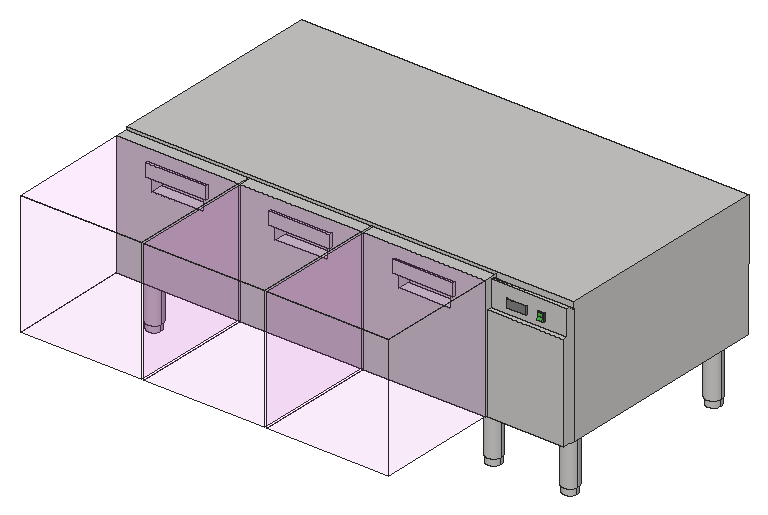
Revit family "QF_ELECTROLUXPROFESSIONAL_391600_E9TTBECOMKN", category Specialty Equipment, Revit 2018
Family settings
  Round Connector Dimension = Use Diameter
  Part Type = Normal
  Work Plane-Based = No
  Always vertical = Yes
  Cut with Voids When Loaded = No
  Shared = No
  Room Calculation Point = No
Parameters (values of type "Standard")
  Weight = 143.00 kg
  Watts = 0 W
  Volts = 220 V
  URL Manufacturer = "http://professional.electrolux.com"
  URL = "http://professional.electrolux.com"
  Steam Supply Size = 0 mm
  Steam Supply Minimum Pressure = 0.0 Pa
  Steam Supply Maximum Pressure = 0.0 Pa
  Steam Pounds per Hour = 0
  Refrigeration Suction Line Size = 0 mm
  Refrigeration Liquid Line Size = 0 mm
  Refrigerant Compressor Remote = yes
  Manufacturer = "Electrolux Professional"
  Phase = 1
  Model = "E9TTBECOMKN"
  Length Actual = 1600 mm  # constant formula
  Item Number = "391600"
  Hot Water Size = 0 mm
  Height Actual = 600 mm  # constant formula
  HP = "0.6 HP"
  Gas Size = 0 mm
  Gas KW = 0
  Gas Input Pressure = 0 W
  Direct Waste Size = 12.7 mm
  Description = "REFRIGERATED BASE WITH 6 DRAWERS 1600MM - R290"
  Depth Actual = 830 mm  # constant formula
  Cycle = 50 Hz
  Condensate Return Size = 0 mm
  Compressed Air Volume = 0.0 L/s
  Compressed Air Size = 0 mm
  Compressed Air Pressure = 0.0 Pa
  Cold Water Size = 0 mm
  Accessory = yes
Reference planes
  plane 1 "Center X": y = 0
  plane 2: z = 0
  plane 3 "Centro (Sinistra/Destra)": x = 0
  plane 4: z = 200
  plane 5 "TOP": z = 650
  plane 6 "BACK": y = 450
  plane 7 "FRONT": y = -450
  plane 8 "LEFT": x = -800
  plane 9 "RIGHT": x = 800
  plane 10: y = -403
  plane 11: y = -448
  plane 12: x = -745
  plane 13: x = 745
  plane 14: x = 471
  plane 15: y = 292
  plane 16: y = -350
  plane 17: x = 286
  plane 18: x = -799
  plane 19: x = 799
  plane 20: y = 290
  plane 21: x = 760
  plane 22: y = 380
Forms (mm)
  Extrusion 1, solid, material "QF_Finishes_Stainless Steel"
    sketch origin (0, 0, 650) x (-1, 0, 0) y (0, -1, 0)
      loop
        line (799, -380) -> (799, 403) -> (-799, 403) -> (-799, -380) -> (799, -380)
    from -450 to 0
  Extrusion 2, solid, material "QF_Finishes_Stainless Steel"
    sketch origin (196, -342.999, 0) x (-1, 0, 0) y (0, 0, 1)
      loop
        line (995, 201.587) -> (995, 640.994) -> (560.999, 640.994) -> (560.999, 201.587) -> (995, 201.587)
      loop
        line (871.3, 506.706) -> (871.3, 585) -> (684.699, 585) -> (684.699, 506.706) -> (871.3, 506.706)
    from -105.001 to -60.001
  Extrusion 3, solid, material "QF_Door-Drawer Clearances"
    sketch origin (196, -448, 0) x (1, 0, 0) y (0, 0, 1)
      loop
        line (-995, 640.994) -> (-995, 201.587) -> (-560.999, 201.587) -> (-560.999, 640.994) -> (-995, 640.994)
    from 0 to 434
  Extrusion 4, solid, material "QF_Finishes_Stainless Steel"
    sketch origin (196, -448, 0) x (1, 0, 0) y (0, 0, 1)
      loop
        line (-886.3, 598.969) -> (-886.3, 553.969) -> (-669.699, 553.969) -> (-669.699, 598.969) -> (-886.3, 598.969)
    from 0 to 10
  Extrusion 5, solid, material "QF_Finishes_Stainless Steel"
    sketch origin (0, -30, 0) x (1, 0, 0) y (0, 1, 0)
      loop
        circle (760, 290) r 6
    from 189.987 to 200
  Extrusion 6, solid, material "QF_Finishes_Stainless Steel"
    sketch origin (799, -33.449, 0) x (0, 1, 0) y (0, 0, 1)
      loop
        line (-369.551, 629.527) -> (-386.314, 640.994) -> (-397.65, 640.994) -> (-397.65, 549.796) -> (-414.551, 549.796) -> (-414.551, 204.796) -> (-384.714, 204.796) -> (-374.993, 200) -> (-369.551, 200) -> (-369.551, 629.527)
    from 0 to -271
  Extrusion 7, solid, material "QF_Finishes_Black"
    sketch origin (783, -431.099, 630.994) x (0, 0, -1) y (1, 0, 0)
      loop
        line (32.198, -86.899) -> (61.199, -86.899) -> (61.199, -64.9) -> (32.198, -64.9) -> (32.198, -86.899)
    from 0 to 1.6
  Extrusion 8, solid, material "QF_Finishes_Grey"
    sketch origin (789, -431.099, 630.994) x (0, 0, -1) y (1, 0, 0)
      loop
        line (32.198, -206.099) -> (61.199, -206.099) -> (61.199, -136.099) -> (32.198, -136.099) -> (32.198, -206.099)
    from 0 to 1.6
  Extrusion 9, solid, material "QF_Finishes_Green"
    sketch origin (718.1, -431.099, 598.796) x (0, 0, -1) y (0, 1, 0)
      loop
        line (2.279, -3.281) -> (14.5, -3.281) -> (25.308, -8.985)
        arc (25.308, -8.985) -> (26.537, -5.394) -> (26.605, -1.6) r 12.221
        line (26.605, -1.6) -> (2.395, -1.6)
        arc (2.395, -1.6) -> (2.308, -2.439) -> (2.279, -3.281) r 12.221
    from -20 to -2
  Extrusion 10, solid, material "QF_Finishes_Stainless Steel"
    sketch origin (640.331, -442.999, 0) x (-1, 0, 0) y (0, 0, 1)
      loop
        line (997, 201.587) -> (997, 640.994) -> (563, 640.994) -> (563, 201.587) -> (997, 201.587)
      loop
        line (873.3, 506.706) -> (873.3, 585) -> (686.699, 585) -> (686.699, 506.706) -> (873.3, 506.706)
    from -5.001 to 39.999
  Extrusion 11, solid, material "QF_Door-Drawer Clearances"
    sketch origin (640.331, -448, 0) x (1, 0, 0) y (0, 0, 1)
      loop
        line (-997, 640.994) -> (-997, 201.587) -> (-563, 201.587) -> (-563, 640.994) -> (-997, 640.994)
    from 0 to 434
  Extrusion 12, solid, material "QF_Finishes_Stainless Steel"
    sketch origin (640.331, -448, 0) x (1, 0, 0) y (0, 0, 1)
      loop
        line (-888.3, 598.969) -> (-888.3, 553.969) -> (-671.699, 553.969) -> (-671.699, 598.969) -> (-888.3, 598.969)
    from 0 to 10
  Extrusion 13, solid, material "QF_Finishes_Stainless Steel"
    sketch origin (1073.161, -442.999, 0) x (-1, 0, 0) y (0, 0, 1)
      loop
        line (553.5, 201.587) -> (987.5, 201.587) -> (987.5, 640.994) -> (553.5, 640.994) -> (553.5, 201.587)
      loop
        line (863.8, 506.706) -> (863.8, 585) -> (677.199, 585) -> (677.199, 506.706) -> (863.8, 506.706)
    from -5.001 to 39.999
  Extrusion 14, solid, material "QF_Door-Drawer Clearances"
    sketch origin (1073.161, -448, 0) x (1, 0, 0) y (0, 0, 1)
      loop
        line (-553.5, 640.994) -> (-987.5, 640.994) -> (-987.5, 201.587) -> (-553.5, 201.587) -> (-553.5, 640.994)
    from 0 to 434
  Extrusion 15, solid, material "QF_Finishes_Stainless Steel"
    sketch origin (1073.161, -448, 0) x (1, 0, 0) y (0, 0, 1)
      loop
        line (-878.8, 598.969) -> (-878.8, 553.969) -> (-662.199, 553.969) -> (-662.199, 598.969) -> (-878.8, 598.969)
    from 0 to 10
Lines and regions (mm)
  Split face 1
    outline origin (789, -432.699, 630.994) x (0, 0, -1) y (1, 0, 0)
      loop
        line (37.198, -196.099) -> (52.198, -196.099) -> (52.198, -146.099) -> (37.198, -146.099) -> (37.198, -196.099)
  Split face 2
    outline origin (789, -432.699, 630.994) x (0, 0, -1) y (1, 0, 0)
      loop
        circle (44.698, -143.099) r 1.2
  Split face 3
    outline origin (789, -432.699, 630.994) x (0, 0, -1) y (1, 0, 0)
      loop
        circle (39.698, -143.099) r 1.2
  Split face 4
    outline origin (789, -432.699, 630.994) x (0, 0, -1) y (1, 0, 0)
      loop
        circle (49.698, -143.099) r 1.2
  Split face 5
    outline origin (789, -432.699, 630.994) x (0, 0, -1) y (1, 0, 0)
      loop
        circle (39.698, -199.099) r 1.2
  Split face 6
    outline origin (789, -432.699, 630.994) x (0, 0, -1) y (1, 0, 0)
      loop
        circle (44.698, -199.099) r 1.2
  Split face 7
    outline origin (789, -432.699, 630.994) x (0, 0, -1) y (1, 0, 0)
      loop
        circle (49.698, -199.099) r 1.2
  Split face 8
    outline origin (789, -432.699, 630.994) x (0, 0, -1) y (1, 0, 0)
      loop
        line (59.151, -196.099) -> (59.151, -185.099) -> (54.151, -185.099) -> (54.151, -196.099) -> (59.151, -196.099)
  Split face 9
    outline origin (789, -432.699, 630.994) x (0, 0, -1) y (1, 0, 0)
      loop
        line (54.151, -183.099) -> (59.151, -183.099) -> (59.151, -172.099) -> (54.151, -172.099) -> (54.151, -183.099)
  Split face 10
    outline origin (802, -432.699, 630.994) x (0, 0, -1) y (1, 0, 0)
      loop
        line (54.151, -183.099) -> (59.151, -183.099) -> (59.151, -172.099) -> (54.151, -172.099) -> (54.151, -183.099)
  Split face 11
    outline origin (815, -432.699, 630.994) x (0, 0, -1) y (1, 0, 0)
      loop
        line (54.151, -183.099) -> (59.151, -183.099) -> (59.151, -172.099) -> (54.151, -172.099) -> (54.151, -183.099)
  Split face 12
    outline origin (799, -448, 412.291) x (0, 0, -1) y (1, 0, 0)
      loop
        arc (-85.025, -240.599) -> (-81.004, -236.61) -> (-85.004, -232.599) r 4
        line (-85.004, -232.599) -> (-117.004, -232.599)
        arc (-117.004, -232.599) -> (-121.004, -236.61) -> (-116.984, -240.599) r 4
        line (-116.984, -240.599) -> (-85.025, -240.599)
  Split face 13
    outline origin (811, -448, 412.291) x (0, 0, -1) y (1, 0, 0)
      loop
        arc (-85.025, -240.599) -> (-81.004, -236.61) -> (-85.004, -232.599) r 4
        line (-85.004, -232.599) -> (-117.004, -232.599)
        arc (-117.004, -232.599) -> (-121.004, -236.61) -> (-116.984, -240.599) r 4
        line (-116.984, -240.599) -> (-85.025, -240.599)
  Split face 14
    outline origin (823, -448, 412.291) x (0, 0, -1) y (1, 0, 0)
      loop
        arc (-85.025, -240.599) -> (-81.004, -236.61) -> (-85.004, -232.599) r 4
        line (-85.004, -232.599) -> (-117.004, -232.599)
        arc (-117.004, -232.599) -> (-121.004, -236.61) -> (-116.984, -240.599) r 4
        line (-116.984, -240.599) -> (-85.025, -240.599)
  Split face 15
    outline origin (834.897, -448, 412.291) x (0, 0, -1) y (1, 0, 0)
      loop
        arc (-85.025, -240.599) -> (-81.004, -236.61) -> (-85.004, -232.599) r 4
        line (-85.004, -232.599) -> (-117.004, -232.599)
        arc (-117.004, -232.599) -> (-121.004, -236.61) -> (-116.984, -240.599) r 4
        line (-116.984, -240.599) -> (-85.025, -240.599)
  Split face 16
    outline origin (846.896, -448, 412.291) x (0, 0, -1) y (1, 0, 0)
      loop
        arc (-85.025, -240.599) -> (-81.004, -236.61) -> (-85.004, -232.599) r 4
        line (-85.004, -232.599) -> (-117.004, -232.599)
        arc (-117.004, -232.599) -> (-121.004, -236.61) -> (-116.984, -240.599) r 4
        line (-116.984, -240.599) -> (-85.025, -240.599)
  Split face 17
    outline origin (858.896, -448, 412.291) x (0, 0, -1) y (1, 0, 0)
      loop
        arc (-85.025, -240.599) -> (-81.004, -236.61) -> (-85.004, -232.599) r 4
        line (-85.004, -232.599) -> (-117.004, -232.599)
        arc (-117.004, -232.599) -> (-121.004, -236.61) -> (-116.984, -240.599) r 4
        line (-116.984, -240.599) -> (-85.025, -240.599)
  Split face 18
    outline origin (870.896, -448, 412.291) x (0, 0, -1) y (1, 0, 0)
      loop
        arc (-85.025, -240.599) -> (-81.004, -236.61) -> (-85.004, -232.599) r 4
        line (-85.004, -232.599) -> (-117.004, -232.599)
        arc (-117.004, -232.599) -> (-121.004, -236.61) -> (-116.984, -240.599) r 4
        line (-116.984, -240.599) -> (-85.025, -240.599)
  Split face 19
    outline origin (882.897, -448, 412.291) x (0, 0, -1) y (1, 0, 0)
      loop
        arc (-85.025, -240.599) -> (-81.004, -236.61) -> (-85.004, -232.599) r 4
        line (-85.004, -232.599) -> (-117.004, -232.599)
        arc (-117.004, -232.599) -> (-121.004, -236.61) -> (-116.984, -240.599) r 4
        line (-116.984, -240.599) -> (-85.025, -240.599)
  Split face 20
    outline origin (894.896, -448, 412.291) x (0, 0, -1) y (1, 0, 0)
      loop
        arc (-85.025, -240.599) -> (-81.004, -236.61) -> (-85.004, -232.599) r 4
        line (-85.004, -232.599) -> (-117.004, -232.599)
        arc (-117.004, -232.599) -> (-121.004, -236.61) -> (-116.984, -240.599) r 4
        line (-116.984, -240.599) -> (-85.025, -240.599)
  Split face 21
    outline origin (906.896, -448, 412.291) x (0, 0, -1) y (1, 0, 0)
      loop
        arc (-85.025, -242.399) -> (-81.004, -238.41) -> (-85.004, -234.4) r 4
        line (-85.004, -234.4) -> (-117.004, -234.4)
        arc (-117.004, -234.4) -> (-121.004, -238.41) -> (-116.984, -242.399) r 4
        line (-116.984, -242.399) -> (-85.025, -242.399)
  Split face 22
    outline origin (918.896, -448, 412.291) x (0, 0, -1) y (1, 0, 0)
      loop
        arc (-85.025, -242.399) -> (-81.004, -238.41) -> (-85.004, -234.4) r 4
        line (-85.004, -234.4) -> (-117.004, -234.4)
        arc (-117.004, -234.4) -> (-121.004, -238.41) -> (-116.984, -242.399) r 4
        line (-116.984, -242.399) -> (-85.025, -242.399)
  Split face 23
    outline origin (930.896, -448, 412.291) x (0, 0, -1) y (1, 0, 0)
      loop
        arc (-85.025, -242.399) -> (-81.004, -238.41) -> (-85.004, -234.4) r 4
        line (-85.004, -234.4) -> (-117.004, -234.4)
        arc (-117.004, -234.4) -> (-121.004, -238.41) -> (-116.984, -242.399) r 4
        line (-116.984, -242.399) -> (-85.025, -242.399)
  Split face 24
    outline origin (942.896, -448, 412.291) x (0, 0, -1) y (1, 0, 0)
      loop
        arc (-85.025, -242.399) -> (-81.004, -238.41) -> (-85.004, -234.4) r 4
        line (-85.004, -234.4) -> (-117.004, -234.4)
        arc (-117.004, -234.4) -> (-121.004, -238.41) -> (-116.984, -242.399) r 4
        line (-116.984, -242.399) -> (-85.025, -242.399)
  Split face 25
    outline origin (954.896, -448, 412.291) x (0, 0, -1) y (1, 0, 0)
      loop
        arc (-85.025, -242.399) -> (-81.004, -238.41) -> (-85.004, -234.4) r 4
        line (-85.004, -234.4) -> (-117.004, -234.4)
        arc (-117.004, -234.4) -> (-121.004, -238.41) -> (-116.984, -242.399) r 4
        line (-116.984, -242.399) -> (-85.025, -242.399)
  Split face 26
    outline origin (966.896, -448, 412.291) x (0, 0, -1) y (1, 0, 0)
      loop
        arc (-85.025, -242.399) -> (-81.004, -238.41) -> (-85.004, -234.4) r 4
        line (-85.004, -234.4) -> (-117.004, -234.4)
        arc (-117.004, -234.4) -> (-121.004, -238.41) -> (-116.984, -242.399) r 4
        line (-116.984, -242.399) -> (-85.025, -242.399)
  Split face 27
    outline origin (978.896, -448, 412.291) x (0, 0, -1) y (1, 0, 0)
      loop
        arc (-85.025, -242.399) -> (-81.004, -238.41) -> (-85.004, -234.4) r 4
        line (-85.004, -234.4) -> (-117.004, -234.4)
        arc (-117.004, -234.4) -> (-121.004, -238.41) -> (-116.984, -242.399) r 4
        line (-116.984, -242.399) -> (-85.025, -242.399)
  Split face 28
    outline origin (990.896, -448, 412.291) x (0, 0, -1) y (1, 0, 0)
      loop
        arc (-85.025, -242.399) -> (-81.004, -238.41) -> (-85.004, -234.4) r 4
        line (-85.004, -234.4) -> (-117.004, -234.4)
        arc (-117.004, -234.4) -> (-121.004, -238.41) -> (-116.984, -242.399) r 4
        line (-116.984, -242.399) -> (-85.025, -242.399)
  Split face 29
    outline origin (1002.896, -448, 412.291) x (0, 0, -1) y (1, 0, 0)
      loop
        arc (-85.025, -242.399) -> (-81.004, -238.41) -> (-85.004, -234.4) r 4
        line (-85.004, -234.4) -> (-117.004, -234.4)
        arc (-117.004, -234.4) -> (-121.004, -238.41) -> (-116.984, -242.399) r 4
        line (-116.984, -242.399) -> (-85.025, -242.399)
  Split face 30
    outline origin (1014.896, -448, 412.291) x (0, 0, -1) y (1, 0, 0)
      loop
        arc (-85.025, -242.399) -> (-81.004, -238.41) -> (-85.004, -234.4) r 4
        line (-85.004, -234.4) -> (-117.004, -234.4)
        arc (-117.004, -234.4) -> (-121.004, -238.41) -> (-116.984, -242.399) r 4
        line (-116.984, -242.399) -> (-85.025, -242.399)
  Split face 31
    outline origin (787, -448, 412.291) x (0, 0, -1) y (1, 0, 0)
      loop
        arc (-85.025, -240.599) -> (-81.004, -236.61) -> (-85.004, -232.599) r 4
        line (-85.004, -232.599) -> (-117.004, -232.599)
        arc (-117.004, -232.599) -> (-121.004, -236.61) -> (-116.984, -240.599) r 4
        line (-116.984, -240.599) -> (-85.025, -240.599)
  Split face 32
    outline origin (799, -448, 367.29) x (0, 0, -1) y (1, 0, 0)
      loop
        arc (-85.025, -240.599) -> (-81.004, -236.61) -> (-85.004, -232.599) r 4
        line (-85.004, -232.599) -> (-117.004, -232.599)
        arc (-117.004, -232.599) -> (-121.004, -236.61) -> (-116.984, -240.599) r 4
        line (-116.984, -240.599) -> (-85.025, -240.599)
  Split face 33
    outline origin (811, -448, 367.29) x (0, 0, -1) y (1, 0, 0)
      loop
        arc (-85.025, -240.599) -> (-81.004, -236.61) -> (-85.004, -232.599) r 4
        line (-85.004, -232.599) -> (-117.004, -232.599)
        arc (-117.004, -232.599) -> (-121.004, -236.61) -> (-116.984, -240.599) r 4
        line (-116.984, -240.599) -> (-85.025, -240.599)
  Split face 34
    outline origin (823, -448, 367.29) x (0, 0, -1) y (1, 0, 0)
      loop
        arc (-85.025, -240.599) -> (-81.004, -236.61) -> (-85.004, -232.599) r 4
        line (-85.004, -232.599) -> (-117.004, -232.599)
        arc (-117.004, -232.599) -> (-121.004, -236.61) -> (-116.984, -240.599) r 4
        line (-116.984, -240.599) -> (-85.025, -240.599)
  Split face 35
    outline origin (834.897, -448, 367.29) x (0, 0, -1) y (1, 0, 0)
      loop
        arc (-85.025, -240.599) -> (-81.004, -236.61) -> (-85.004, -232.599) r 4
        line (-85.004, -232.599) -> (-117.004, -232.599)
        arc (-117.004, -232.599) -> (-121.004, -236.61) -> (-116.984, -240.599) r 4
        line (-116.984, -240.599) -> (-85.025, -240.599)
  Split face 36
    outline origin (846.896, -448, 367.29) x (0, 0, -1) y (1, 0, 0)
      loop
        arc (-85.025, -240.599) -> (-81.004, -236.61) -> (-85.004, -232.599) r 4
        line (-85.004, -232.599) -> (-117.004, -232.599)
        arc (-117.004, -232.599) -> (-121.004, -236.61) -> (-116.984, -240.599) r 4
        line (-116.984, -240.599) -> (-85.025, -240.599)
  Split face 37
    outline origin (858.896, -448, 367.29) x (0, 0, -1) y (1, 0, 0)
      loop
        arc (-85.025, -240.599) -> (-81.004, -236.61) -> (-85.004, -232.599) r 4
        line (-85.004, -232.599) -> (-117.004, -232.599)
        arc (-117.004, -232.599) -> (-121.004, -236.61) -> (-116.984, -240.599) r 4
        line (-116.984, -240.599) -> (-85.025, -240.599)
  Split face 38
    outline origin (870.896, -448, 367.29) x (0, 0, -1) y (1, 0, 0)
      loop
        arc (-85.025, -240.599) -> (-81.004, -236.61) -> (-85.004, -232.599) r 4
        line (-85.004, -232.599) -> (-117.004, -232.599)
        arc (-117.004, -232.599) -> (-121.004, -236.61) -> (-116.984, -240.599) r 4
        line (-116.984, -240.599) -> (-85.025, -240.599)
  Split face 39
    outline origin (882.897, -448, 367.29) x (0, 0, -1) y (1, 0, 0)
      loop
        arc (-85.025, -240.599) -> (-81.004, -236.61) -> (-85.004, -232.599) r 4
        line (-85.004, -232.599) -> (-117.004, -232.599)
        arc (-117.004, -232.599) -> (-121.004, -236.61) -> (-116.984, -240.599) r 4
        line (-116.984, -240.599) -> (-85.025, -240.599)
  Split face 40
    outline origin (894.896, -448, 367.29) x (0, 0, -1) y (1, 0, 0)
      loop
        arc (-85.025, -240.599) -> (-81.004, -236.61) -> (-85.004, -232.599) r 4
        line (-85.004, -232.599) -> (-117.004, -232.599)
        arc (-117.004, -232.599) -> (-121.004, -236.61) -> (-116.984, -240.599) r 4
        line (-116.984, -240.599) -> (-85.025, -240.599)
  Split face 41
    outline origin (906.896, -448, 367.29) x (0, 0, -1) y (1, 0, 0)
      loop
        arc (-85.025, -242.399) -> (-81.004, -238.41) -> (-85.004, -234.4) r 4
        line (-85.004, -234.4) -> (-117.004, -234.4)
        arc (-117.004, -234.4) -> (-121.004, -238.41) -> (-116.984, -242.399) r 4
        line (-116.984, -242.399) -> (-85.025, -242.399)
  Split face 42
    outline origin (918.896, -448, 367.29) x (0, 0, -1) y (1, 0, 0)
      loop
        arc (-85.025, -242.399) -> (-81.004, -238.41) -> (-85.004, -234.4) r 4
        line (-85.004, -234.4) -> (-117.004, -234.4)
        arc (-117.004, -234.4) -> (-121.004, -238.41) -> (-116.984, -242.399) r 4
        line (-116.984, -242.399) -> (-85.025, -242.399)
  Split face 43
    outline origin (930.896, -448, 367.29) x (0, 0, -1) y (1, 0, 0)
      loop
        arc (-85.025, -242.399) -> (-81.004, -238.41) -> (-85.004, -234.4) r 4
        line (-85.004, -234.4) -> (-117.004, -234.4)
        arc (-117.004, -234.4) -> (-121.004, -238.41) -> (-116.984, -242.399) r 4
        line (-116.984, -242.399) -> (-85.025, -242.399)
  Split face 44
    outline origin (942.896, -448, 367.29) x (0, 0, -1) y (1, 0, 0)
      loop
        arc (-85.025, -242.399) -> (-81.004, -238.41) -> (-85.004, -234.4) r 4
        line (-85.004, -234.4) -> (-117.004, -234.4)
        arc (-117.004, -234.4) -> (-121.004, -238.41) -> (-116.984, -242.399) r 4
        line (-116.984, -242.399) -> (-85.025, -242.399)
  Split face 45
    outline origin (954.896, -448, 367.29) x (0, 0, -1) y (1, 0, 0)
      loop
        arc (-85.025, -242.399) -> (-81.004, -238.41) -> (-85.004, -234.4) r 4
        line (-85.004, -234.4) -> (-117.004, -234.4)
        arc (-117.004, -234.4) -> (-121.004, -238.41) -> (-116.984, -242.399) r 4
        line (-116.984, -242.399) -> (-85.025, -242.399)
  Split face 46
    outline origin (966.896, -448, 367.29) x (0, 0, -1) y (1, 0, 0)
      loop
        arc (-85.025, -242.399) -> (-81.004, -238.41) -> (-85.004, -234.4) r 4
        line (-85.004, -234.4) -> (-117.004, -234.4)
        arc (-117.004, -234.4) -> (-121.004, -238.41) -> (-116.984, -242.399) r 4
        line (-116.984, -242.399) -> (-85.025, -242.399)
  Split face 47
    outline origin (978.896, -448, 367.29) x (0, 0, -1) y (1, 0, 0)
      loop
        arc (-85.025, -242.399) -> (-81.004, -238.41) -> (-85.004, -234.4) r 4
        line (-85.004, -234.4) -> (-117.004, -234.4)
        arc (-117.004, -234.4) -> (-121.004, -238.41) -> (-116.984, -242.399) r 4
        line (-116.984, -242.399) -> (-85.025, -242.399)
  Split face 48
    outline origin (990.896, -448, 367.29) x (0, 0, -1) y (1, 0, 0)
      loop
        arc (-85.025, -242.399) -> (-81.004, -238.41) -> (-85.004, -234.4) r 4
        line (-85.004, -234.4) -> (-117.004, -234.4)
        arc (-117.004, -234.4) -> (-121.004, -238.41) -> (-116.984, -242.399) r 4
        line (-116.984, -242.399) -> (-85.025, -242.399)
  Split face 49
    outline origin (1002.896, -448, 367.29) x (0, 0, -1) y (1, 0, 0)
      loop
        arc (-85.025, -242.399) -> (-81.004, -238.41) -> (-85.004, -234.4) r 4
        line (-85.004, -234.4) -> (-117.004, -234.4)
        arc (-117.004, -234.4) -> (-121.004, -238.41) -> (-116.984, -242.399) r 4
        line (-116.984, -242.399) -> (-85.025, -242.399)
  Split face 50
    outline origin (1014.896, -448, 367.29) x (0, 0, -1) y (1, 0, 0)
      loop
        arc (-85.025, -242.399) -> (-81.004, -238.41) -> (-85.004, -234.4) r 4
        line (-85.004, -234.4) -> (-117.004, -234.4)
        arc (-117.004, -234.4) -> (-121.004, -238.41) -> (-116.984, -242.399) r 4
        line (-116.984, -242.399) -> (-85.025, -242.399)
  Split face 51
    outline origin (787, -448, 367.29) x (0, 0, -1) y (1, 0, 0)
      loop
        arc (-85.025, -240.599) -> (-81.004, -236.61) -> (-85.004, -232.599) r 4
        line (-85.004, -232.599) -> (-117.004, -232.599)
        arc (-117.004, -232.599) -> (-121.004, -236.61) -> (-116.984, -240.599) r 4
        line (-116.984, -240.599) -> (-85.025, -240.599)
  Split face 52
    outline origin (799, -448, 322.29) x (0, 0, -1) y (1, 0, 0)
      loop
        arc (-85.025, -240.599) -> (-81.004, -236.61) -> (-85.004, -232.599) r 4
        line (-85.004, -232.599) -> (-117.004, -232.599)
        arc (-117.004, -232.599) -> (-121.004, -236.61) -> (-116.984, -240.599) r 4
        line (-116.984, -240.599) -> (-85.025, -240.599)
  Split face 53
    outline origin (811, -448, 322.29) x (0, 0, -1) y (1, 0, 0)
      loop
        arc (-85.025, -240.599) -> (-81.004, -236.61) -> (-85.004, -232.599) r 4
        line (-85.004, -232.599) -> (-117.004, -232.599)
        arc (-117.004, -232.599) -> (-121.004, -236.61) -> (-116.984, -240.599) r 4
        line (-116.984, -240.599) -> (-85.025, -240.599)
  Split face 54
    outline origin (823, -448, 322.29) x (0, 0, -1) y (1, 0, 0)
      loop
        arc (-85.025, -240.599) -> (-81.004, -236.61) -> (-85.004, -232.599) r 4
        line (-85.004, -232.599) -> (-117.004, -232.599)
        arc (-117.004, -232.599) -> (-121.004, -236.61) -> (-116.984, -240.599) r 4
        line (-116.984, -240.599) -> (-85.025, -240.599)
  Split face 55
    outline origin (834.897, -448, 322.29) x (0, 0, -1) y (1, 0, 0)
      loop
        arc (-85.025, -240.599) -> (-81.004, -236.61) -> (-85.004, -232.599) r 4
        line (-85.004, -232.599) -> (-117.004, -232.599)
        arc (-117.004, -232.599) -> (-121.004, -236.61) -> (-116.984, -240.599) r 4
        line (-116.984, -240.599) -> (-85.025, -240.599)
  Split face 56
    outline origin (846.896, -448, 322.29) x (0, 0, -1) y (1, 0, 0)
      loop
        arc (-85.025, -240.599) -> (-81.004, -236.61) -> (-85.004, -232.599) r 4
        line (-85.004, -232.599) -> (-117.004, -232.599)
        arc (-117.004, -232.599) -> (-121.004, -236.61) -> (-116.984, -240.599) r 4
        line (-116.984, -240.599) -> (-85.025, -240.599)
  Split face 57
    outline origin (858.896, -448, 322.29) x (0, 0, -1) y (1, 0, 0)
      loop
        arc (-85.025, -240.599) -> (-81.004, -236.61) -> (-85.004, -232.599) r 4
        line (-85.004, -232.599) -> (-117.004, -232.599)
        arc (-117.004, -232.599) -> (-121.004, -236.61) -> (-116.984, -240.599) r 4
        line (-116.984, -240.599) -> (-85.025, -240.599)
  Split face 58
    outline origin (870.896, -448, 322.29) x (0, 0, -1) y (1, 0, 0)
      loop
        arc (-85.025, -240.599) -> (-81.004, -236.61) -> (-85.004, -232.599) r 4
        line (-85.004, -232.599) -> (-117.004, -232.599)
        arc (-117.004, -232.599) -> (-121.004, -236.61) -> (-116.984, -240.599) r 4
        line (-116.984, -240.599) -> (-85.025, -240.599)
  Split face 59
    outline origin (882.897, -448, 322.29) x (0, 0, -1) y (1, 0, 0)
      loop
        arc (-85.025, -240.599) -> (-81.004, -236.61) -> (-85.004, -232.599) r 4
        line (-85.004, -232.599) -> (-117.004, -232.599)
        arc (-117.004, -232.599) -> (-121.004, -236.61) -> (-116.984, -240.599) r 4
        line (-116.984, -240.599) -> (-85.025, -240.599)
  Split face 60
    outline origin (894.896, -448, 322.29) x (0, 0, -1) y (1, 0, 0)
      loop
        arc (-85.025, -240.599) -> (-81.004, -236.61) -> (-85.004, -232.599) r 4
        line (-85.004, -232.599) -> (-117.004, -232.599)
        arc (-117.004, -232.599) -> (-121.004, -236.61) -> (-116.984, -240.599) r 4
        line (-116.984, -240.599) -> (-85.025, -240.599)
  Split face 61
    outline origin (906.896, -448, 322.29) x (0, 0, -1) y (1, 0, 0)
      loop
        arc (-85.025, -242.399) -> (-81.004, -238.41) -> (-85.004, -234.4) r 4
        line (-85.004, -234.4) -> (-117.004, -234.4)
        arc (-117.004, -234.4) -> (-121.004, -238.41) -> (-116.984, -242.399) r 4
        line (-116.984, -242.399) -> (-85.025, -242.399)
  Split face 62
    outline origin (918.896, -448, 322.29) x (0, 0, -1) y (1, 0, 0)
      loop
        arc (-85.025, -242.399) -> (-81.004, -238.41) -> (-85.004, -234.4) r 4
        line (-85.004, -234.4) -> (-117.004, -234.4)
        arc (-117.004, -234.4) -> (-121.004, -238.41) -> (-116.984, -242.399) r 4
        line (-116.984, -242.399) -> (-85.025, -242.399)
  Split face 63
    outline origin (930.896, -448, 322.29) x (0, 0, -1) y (1, 0, 0)
      loop
        arc (-85.025, -242.399) -> (-81.004, -238.41) -> (-85.004, -234.4) r 4
        line (-85.004, -234.4) -> (-117.004, -234.4)
        arc (-117.004, -234.4) -> (-121.004, -238.41) -> (-116.984, -242.399) r 4
        line (-116.984, -242.399) -> (-85.025, -242.399)
  Split face 64
    outline origin (942.896, -448, 322.29) x (0, 0, -1) y (1, 0, 0)
      loop
        arc (-85.025, -242.399) -> (-81.004, -238.41) -> (-85.004, -234.4) r 4
        line (-85.004, -234.4) -> (-117.004, -234.4)
        arc (-117.004, -234.4) -> (-121.004, -238.41) -> (-116.984, -242.399) r 4
        line (-116.984, -242.399) -> (-85.025, -242.399)
  Split face 65
    outline origin (954.896, -448, 322.29) x (0, 0, -1) y (1, 0, 0)
      loop
        arc (-85.025, -242.399) -> (-81.004, -238.41) -> (-85.004, -234.4) r 4
        line (-85.004, -234.4) -> (-117.004, -234.4)
        arc (-117.004, -234.4) -> (-121.004, -238.41) -> (-116.984, -242.399) r 4
        line (-116.984, -242.399) -> (-85.025, -242.399)
  Split face 66
    outline origin (966.896, -448, 322.29) x (0, 0, -1) y (1, 0, 0)
      loop
        arc (-85.025, -242.399) -> (-81.004, -238.41) -> (-85.004, -234.4) r 4
        line (-85.004, -234.4) -> (-117.004, -234.4)
        arc (-117.004, -234.4) -> (-121.004, -238.41) -> (-116.984, -242.399) r 4
        line (-116.984, -242.399) -> (-85.025, -242.399)
  Split face 67
    outline origin (978.896, -448, 322.29) x (0, 0, -1) y (1, 0, 0)
      loop
        arc (-85.025, -242.399) -> (-81.004, -238.41) -> (-85.004, -234.4) r 4
        line (-85.004, -234.4) -> (-117.004, -234.4)
        arc (-117.004, -234.4) -> (-121.004, -238.41) -> (-116.984, -242.399) r 4
        line (-116.984, -242.399) -> (-85.025, -242.399)
  Split face 68
    outline origin (990.896, -448, 322.29) x (0, 0, -1) y (1, 0, 0)
      loop
        arc (-85.025, -242.399) -> (-81.004, -238.41) -> (-85.004, -234.4) r 4
        line (-85.004, -234.4) -> (-117.004, -234.4)
        arc (-117.004, -234.4) -> (-121.004, -238.41) -> (-116.984, -242.399) r 4
        line (-116.984, -242.399) -> (-85.025, -242.399)
  Split face 69
    outline origin (1002.896, -448, 322.29) x (0, 0, -1) y (1, 0, 0)
      loop
        arc (-85.025, -242.399) -> (-81.004, -238.41) -> (-85.004, -234.4) r 4
        line (-85.004, -234.4) -> (-117.004, -234.4)
        arc (-117.004, -234.4) -> (-121.004, -238.41) -> (-116.984, -242.399) r 4
        line (-116.984, -242.399) -> (-85.025, -242.399)
  Split face 70
    outline origin (1014.896, -448, 322.29) x (0, 0, -1) y (1, 0, 0)
      loop
        arc (-85.025, -242.399) -> (-81.004, -238.41) -> (-85.004, -234.4) r 4
        line (-85.004, -234.4) -> (-117.004, -234.4)
        arc (-117.004, -234.4) -> (-121.004, -238.41) -> (-116.984, -242.399) r 4
        line (-116.984, -242.399) -> (-85.025, -242.399)
  Split face 71
    outline origin (787, -448, 322.29) x (0, 0, -1) y (1, 0, 0)
      loop
        arc (-85.025, -240.599) -> (-81.004, -236.61) -> (-85.004, -232.599) r 4
        line (-85.004, -232.599) -> (-117.004, -232.599)
        arc (-117.004, -232.599) -> (-121.004, -236.61) -> (-116.984, -240.599) r 4
        line (-116.984, -240.599) -> (-85.025, -240.599)
  Split face 72
    outline origin (799, -448, 277.29) x (0, 0, -1) y (1, 0, 0)
      loop
        arc (-85.025, -240.599) -> (-81.004, -236.61) -> (-85.004, -232.599) r 4
        line (-85.004, -232.599) -> (-117.004, -232.599)
        arc (-117.004, -232.599) -> (-121.004, -236.61) -> (-116.984, -240.599) r 4
        line (-116.984, -240.599) -> (-85.025, -240.599)
  Split face 73
    outline origin (811, -448, 277.29) x (0, 0, -1) y (1, 0, 0)
      loop
        arc (-85.025, -240.599) -> (-81.004, -236.61) -> (-85.004, -232.599) r 4
        line (-85.004, -232.599) -> (-117.004, -232.599)
        arc (-117.004, -232.599) -> (-121.004, -236.61) -> (-116.984, -240.599) r 4
        line (-116.984, -240.599) -> (-85.025, -240.599)
  Split face 74
    outline origin (823, -448, 277.29) x (0, 0, -1) y (1, 0, 0)
      loop
        arc (-85.025, -240.599) -> (-81.004, -236.61) -> (-85.004, -232.599) r 4
        line (-85.004, -232.599) -> (-117.004, -232.599)
        arc (-117.004, -232.599) -> (-121.004, -236.61) -> (-116.984, -240.599) r 4
        line (-116.984, -240.599) -> (-85.025, -240.599)
  Split face 75
    outline origin (834.897, -448, 277.29) x (0, 0, -1) y (1, 0, 0)
      loop
        arc (-85.025, -240.599) -> (-81.004, -236.61) -> (-85.004, -232.599) r 4
        line (-85.004, -232.599) -> (-117.004, -232.599)
        arc (-117.004, -232.599) -> (-121.004, -236.61) -> (-116.984, -240.599) r 4
        line (-116.984, -240.599) -> (-85.025, -240.599)
  Split face 76
    outline origin (846.896, -448, 277.29) x (0, 0, -1) y (1, 0, 0)
      loop
        arc (-85.025, -240.599) -> (-81.004, -236.61) -> (-85.004, -232.599) r 4
        line (-85.004, -232.599) -> (-117.004, -232.599)
        arc (-117.004, -232.599) -> (-121.004, -236.61) -> (-116.984, -240.599) r 4
        line (-116.984, -240.599) -> (-85.025, -240.599)
  Split face 77
    outline origin (858.896, -448, 277.29) x (0, 0, -1) y (1, 0, 0)
      loop
        arc (-85.025, -240.599) -> (-81.004, -236.61) -> (-85.004, -232.599) r 4
        line (-85.004, -232.599) -> (-117.004, -232.599)
        arc (-117.004, -232.599) -> (-121.004, -236.61) -> (-116.984, -240.599) r 4
        line (-116.984, -240.599) -> (-85.025, -240.599)
  Split face 78
    outline origin (870.896, -448, 277.29) x (0, 0, -1) y (1, 0, 0)
      loop
        arc (-85.025, -240.599) -> (-81.004, -236.61) -> (-85.004, -232.599) r 4
        line (-85.004, -232.599) -> (-117.004, -232.599)
        arc (-117.004, -232.599) -> (-121.004, -236.61) -> (-116.984, -240.599) r 4
        line (-116.984, -240.599) -> (-85.025, -240.599)
  Split face 79
    outline origin (882.897, -448, 277.29) x (0, 0, -1) y (1, 0, 0)
      loop
        arc (-85.025, -240.599) -> (-81.004, -236.61) -> (-85.004, -232.599) r 4
        line (-85.004, -232.599) -> (-117.004, -232.599)
        arc (-117.004, -232.599) -> (-121.004, -236.61) -> (-116.984, -240.599) r 4
        line (-116.984, -240.599) -> (-85.025, -240.599)
  Split face 80
    outline origin (894.896, -448, 277.29) x (0, 0, -1) y (1, 0, 0)
      loop
        arc (-85.025, -240.599) -> (-81.004, -236.61) -> (-85.004, -232.599) r 4
        line (-85.004, -232.599) -> (-117.004, -232.599)
        arc (-117.004, -232.599) -> (-121.004, -236.61) -> (-116.984, -240.599) r 4
        line (-116.984, -240.599) -> (-85.025, -240.599)
  Split face 81
    outline origin (906.896, -448, 277.29) x (0, 0, -1) y (1, 0, 0)
      loop
        arc (-85.025, -242.399) -> (-81.004, -238.41) -> (-85.004, -234.4) r 4
        line (-85.004, -234.4) -> (-117.004, -234.4)
        arc (-117.004, -234.4) -> (-121.004, -238.41) -> (-116.984, -242.399) r 4
        line (-116.984, -242.399) -> (-85.025, -242.399)
  Split face 82
    outline origin (918.896, -448, 277.29) x (0, 0, -1) y (1, 0, 0)
      loop
        arc (-85.025, -242.399) -> (-81.004, -238.41) -> (-85.004, -234.4) r 4
        line (-85.004, -234.4) -> (-117.004, -234.4)
        arc (-117.004, -234.4) -> (-121.004, -238.41) -> (-116.984, -242.399) r 4
        line (-116.984, -242.399) -> (-85.025, -242.399)
  Split face 83
    outline origin (930.896, -448, 277.29) x (0, 0, -1) y (1, 0, 0)
      loop
        arc (-85.025, -242.399) -> (-81.004, -238.41) -> (-85.004, -234.4) r 4
        line (-85.004, -234.4) -> (-117.004, -234.4)
        arc (-117.004, -234.4) -> (-121.004, -238.41) -> (-116.984, -242.399) r 4
        line (-116.984, -242.399) -> (-85.025, -242.399)
  Split face 84
    outline origin (942.896, -448, 277.29) x (0, 0, -1) y (1, 0, 0)
      loop
        arc (-85.025, -242.399) -> (-81.004, -238.41) -> (-85.004, -234.4) r 4
        line (-85.004, -234.4) -> (-117.004, -234.4)
        arc (-117.004, -234.4) -> (-121.004, -238.41) -> (-116.984, -242.399) r 4
        line (-116.984, -242.399) -> (-85.025, -242.399)
  Split face 85
    outline origin (954.896, -448, 277.29) x (0, 0, -1) y (1, 0, 0)
      loop
        arc (-85.025, -242.399) -> (-81.004, -238.41) -> (-85.004, -234.4) r 4
        line (-85.004, -234.4) -> (-117.004, -234.4)
        arc (-117.004, -234.4) -> (-121.004, -238.41) -> (-116.984, -242.399) r 4
        line (-116.984, -242.399) -> (-85.025, -242.399)
  Split face 86
    outline origin (966.896, -448, 277.29) x (0, 0, -1) y (1, 0, 0)
      loop
        arc (-85.025, -242.399) -> (-81.004, -238.41) -> (-85.004, -234.4) r 4
        line (-85.004, -234.4) -> (-117.004, -234.4)
        arc (-117.004, -234.4) -> (-121.004, -238.41) -> (-116.984, -242.399) r 4
        line (-116.984, -242.399) -> (-85.025, -242.399)
  Split face 87
    outline origin (978.896, -448, 277.29) x (0, 0, -1) y (1, 0, 0)
      loop
        arc (-85.025, -242.399) -> (-81.004, -238.41) -> (-85.004, -234.4) r 4
        line (-85.004, -234.4) -> (-117.004, -234.4)
        arc (-117.004, -234.4) -> (-121.004, -238.41) -> (-116.984, -242.399) r 4
        line (-116.984, -242.399) -> (-85.025, -242.399)
  Split face 88
    outline origin (990.896, -448, 277.29) x (0, 0, -1) y (1, 0, 0)
      loop
        arc (-85.025, -242.399) -> (-81.004, -238.41) -> (-85.004, -234.4) r 4
        line (-85.004, -234.4) -> (-117.004, -234.4)
        arc (-117.004, -234.4) -> (-121.004, -238.41) -> (-116.984, -242.399) r 4
        line (-116.984, -242.399) -> (-85.025, -242.399)
  Split face 89
    outline origin (1002.896, -448, 277.29) x (0, 0, -1) y (1, 0, 0)
      loop
        arc (-85.025, -242.399) -> (-81.004, -238.41) -> (-85.004, -234.4) r 4
        line (-85.004, -234.4) -> (-117.004, -234.4)
        arc (-117.004, -234.4) -> (-121.004, -238.41) -> (-116.984, -242.399) r 4
        line (-116.984, -242.399) -> (-85.025, -242.399)
  Split face 90
    outline origin (1014.896, -448, 277.29) x (0, 0, -1) y (1, 0, 0)
      loop
        arc (-85.025, -242.399) -> (-81.004, -238.41) -> (-85.004, -234.4) r 4
        line (-85.004, -234.4) -> (-117.004, -234.4)
        arc (-117.004, -234.4) -> (-121.004, -238.41) -> (-116.984, -242.399) r 4
        line (-116.984, -242.399) -> (-85.025, -242.399)
  Split face 91
    outline origin (787, -448, 277.29) x (0, 0, -1) y (1, 0, 0)
      loop
        arc (-85.025, -240.599) -> (-81.004, -236.61) -> (-85.004, -232.599) r 4
        line (-85.004, -232.599) -> (-117.004, -232.599)
        arc (-117.004, -232.599) -> (-121.004, -236.61) -> (-116.984, -240.599) r 4
        line (-116.984, -240.599) -> (-85.025, -240.599)
  Split face 92
    outline origin (799, -448, 232.29) x (0, 0, -1) y (1, 0, 0)
      loop
        arc (-85.025, -240.599) -> (-81.004, -236.61) -> (-85.004, -232.599) r 4
        line (-85.004, -232.599) -> (-117.004, -232.599)
        arc (-117.004, -232.599) -> (-121.004, -236.61) -> (-116.984, -240.599) r 4
        line (-116.984, -240.599) -> (-85.025, -240.599)
  Split face 93
    outline origin (811, -448, 232.29) x (0, 0, -1) y (1, 0, 0)
      loop
        arc (-85.025, -240.599) -> (-81.004, -236.61) -> (-85.004, -232.599) r 4
        line (-85.004, -232.599) -> (-117.004, -232.599)
        arc (-117.004, -232.599) -> (-121.004, -236.61) -> (-116.984, -240.599) r 4
        line (-116.984, -240.599) -> (-85.025, -240.599)
  Split face 94
    outline origin (823, -448, 232.29) x (0, 0, -1) y (1, 0, 0)
      loop
        arc (-85.025, -240.599) -> (-81.004, -236.61) -> (-85.004, -232.599) r 4
        line (-85.004, -232.599) -> (-117.004, -232.599)
        arc (-117.004, -232.599) -> (-121.004, -236.61) -> (-116.984, -240.599) r 4
        line (-116.984, -240.599) -> (-85.025, -240.599)
  Split face 95
    outline origin (834.897, -448, 232.29) x (0, 0, -1) y (1, 0, 0)
      loop
        arc (-85.025, -240.599) -> (-81.004, -236.61) -> (-85.004, -232.599) r 4
        line (-85.004, -232.599) -> (-117.004, -232.599)
        arc (-117.004, -232.599) -> (-121.004, -236.61) -> (-116.984, -240.599) r 4
        line (-116.984, -240.599) -> (-85.025, -240.599)
  Split face 96
    outline origin (846.896, -448, 232.29) x (0, 0, -1) y (1, 0, 0)
      loop
        arc (-85.025, -240.599) -> (-81.004, -236.61) -> (-85.004, -232.599) r 4
        line (-85.004, -232.599) -> (-117.004, -232.599)
        arc (-117.004, -232.599) -> (-121.004, -236.61) -> (-116.984, -240.599) r 4
        line (-116.984, -240.599) -> (-85.025, -240.599)
  Split face 97
    outline origin (858.896, -448, 232.29) x (0, 0, -1) y (1, 0, 0)
      loop
        arc (-85.025, -240.599) -> (-81.004, -236.61) -> (-85.004, -232.599) r 4
        line (-85.004, -232.599) -> (-117.004, -232.599)
        arc (-117.004, -232.599) -> (-121.004, -236.61) -> (-116.984, -240.599) r 4
        line (-116.984, -240.599) -> (-85.025, -240.599)
  Split face 98
    outline origin (870.896, -448, 232.29) x (0, 0, -1) y (1, 0, 0)
      loop
        arc (-85.025, -240.599) -> (-81.004, -236.61) -> (-85.004, -232.599) r 4
        line (-85.004, -232.599) -> (-117.004, -232.599)
        arc (-117.004, -232.599) -> (-121.004, -236.61) -> (-116.984, -240.599) r 4
        line (-116.984, -240.599) -> (-85.025, -240.599)
  Split face 99
    outline origin (882.897, -448, 232.29) x (0, 0, -1) y (1, 0, 0)
      loop
        arc (-85.025, -240.599) -> (-81.004, -236.61) -> (-85.004, -232.599) r 4
        line (-85.004, -232.599) -> (-117.004, -232.599)
        arc (-117.004, -232.599) -> (-121.004, -236.61) -> (-116.984, -240.599) r 4
        line (-116.984, -240.599) -> (-85.025, -240.599)
  Split face 100
    outline origin (894.896, -448, 232.29) x (0, 0, -1) y (1, 0, 0)
      loop
        arc (-85.025, -240.599) -> (-81.004, -236.61) -> (-85.004, -232.599) r 4
        line (-85.004, -232.599) -> (-117.004, -232.599)
        arc (-117.004, -232.599) -> (-121.004, -236.61) -> (-116.984, -240.599) r 4
        line (-116.984, -240.599) -> (-85.025, -240.599)
  Split face 101
    outline origin (906.896, -448, 232.29) x (0, 0, -1) y (1, 0, 0)
      loop
        arc (-85.025, -242.399) -> (-81.004, -238.41) -> (-85.004, -234.4) r 4
        line (-85.004, -234.4) -> (-117.004, -234.4)
        arc (-117.004, -234.4) -> (-121.004, -238.41) -> (-116.984, -242.399) r 4
        line (-116.984, -242.399) -> (-85.025, -242.399)
  Split face 102
    outline origin (918.896, -448, 232.29) x (0, 0, -1) y (1, 0, 0)
      loop
        arc (-85.025, -242.399) -> (-81.004, -238.41) -> (-85.004, -234.4) r 4
        line (-85.004, -234.4) -> (-117.004, -234.4)
        arc (-117.004, -234.4) -> (-121.004, -238.41) -> (-116.984, -242.399) r 4
        line (-116.984, -242.399) -> (-85.025, -242.399)
  Split face 103
    outline origin (930.896, -448, 232.29) x (0, 0, -1) y (1, 0, 0)
      loop
        arc (-85.025, -242.399) -> (-81.004, -238.41) -> (-85.004, -234.4) r 4
        line (-85.004, -234.4) -> (-117.004, -234.4)
        arc (-117.004, -234.4) -> (-121.004, -238.41) -> (-116.984, -242.399) r 4
        line (-116.984, -242.399) -> (-85.025, -242.399)
  Split face 104
    outline origin (942.896, -448, 232.29) x (0, 0, -1) y (1, 0, 0)
      loop
        arc (-85.025, -242.399) -> (-81.004, -238.41) -> (-85.004, -234.4) r 4
        line (-85.004, -234.4) -> (-117.004, -234.4)
        arc (-117.004, -234.4) -> (-121.004, -238.41) -> (-116.984, -242.399) r 4
        line (-116.984, -242.399) -> (-85.025, -242.399)
  Split face 105
    outline origin (954.896, -448, 232.29) x (0, 0, -1) y (1, 0, 0)
      loop
        arc (-85.025, -242.399) -> (-81.004, -238.41) -> (-85.004, -234.4) r 4
        line (-85.004, -234.4) -> (-117.004, -234.4)
        arc (-117.004, -234.4) -> (-121.004, -238.41) -> (-116.984, -242.399) r 4
        line (-116.984, -242.399) -> (-85.025, -242.399)
  Split face 106
    outline origin (966.896, -448, 232.29) x (0, 0, -1) y (1, 0, 0)
      loop
        arc (-85.025, -242.399) -> (-81.004, -238.41) -> (-85.004, -234.4) r 4
        line (-85.004, -234.4) -> (-117.004, -234.4)
        arc (-117.004, -234.4) -> (-121.004, -238.41) -> (-116.984, -242.399) r 4
        line (-116.984, -242.399) -> (-85.025, -242.399)
  Split face 107
    outline origin (978.896, -448, 232.29) x (0, 0, -1) y (1, 0, 0)
      loop
        arc (-85.025, -242.399) -> (-81.004, -238.41) -> (-85.004, -234.4) r 4
        line (-85.004, -234.4) -> (-117.004, -234.4)
        arc (-117.004, -234.4) -> (-121.004, -238.41) -> (-116.984, -242.399) r 4
        line (-116.984, -242.399) -> (-85.025, -242.399)
  Split face 108
    outline origin (990.896, -448, 232.29) x (0, 0, -1) y (1, 0, 0)
      loop
        arc (-85.025, -242.399) -> (-81.004, -238.41) -> (-85.004, -234.4) r 4
        line (-85.004, -234.4) -> (-117.004, -234.4)
        arc (-117.004, -234.4) -> (-121.004, -238.41) -> (-116.984, -242.399) r 4
        line (-116.984, -242.399) -> (-85.025, -242.399)
  Split face 109
    outline origin (1002.896, -448, 232.29) x (0, 0, -1) y (1, 0, 0)
      loop
        arc (-85.025, -242.399) -> (-81.004, -238.41) -> (-85.004, -234.4) r 4
        line (-85.004, -234.4) -> (-117.004, -234.4)
        arc (-117.004, -234.4) -> (-121.004, -238.41) -> (-116.984, -242.399) r 4
        line (-116.984, -242.399) -> (-85.025, -242.399)
  Split face 110
    outline origin (1014.896, -448, 232.29) x (0, 0, -1) y (1, 0, 0)
      loop
        arc (-85.025, -242.399) -> (-81.004, -238.41) -> (-85.004, -234.4) r 4
        line (-85.004, -234.4) -> (-117.004, -234.4)
        arc (-117.004, -234.4) -> (-121.004, -238.41) -> (-116.984, -242.399) r 4
        line (-116.984, -242.399) -> (-85.025, -242.399)
  Split face 111
    outline origin (787, -448, 232.29) x (0, 0, -1) y (1, 0, 0)
      loop
        arc (-85.025, -240.599) -> (-81.004, -236.61) -> (-85.004, -232.599) r 4
        line (-85.004, -232.599) -> (-117.004, -232.599)
        arc (-117.004, -232.599) -> (-121.004, -236.61) -> (-116.984, -240.599) r 4
        line (-116.984, -240.599) -> (-85.025, -240.599)
  Split face 112
    outline origin (799, -448, 187.29) x (0, 0, -1) y (1, 0, 0)
      loop
        arc (-85.025, -240.599) -> (-81.004, -236.61) -> (-85.004, -232.599) r 4
        line (-85.004, -232.599) -> (-117.004, -232.599)
        arc (-117.004, -232.599) -> (-121.004, -236.61) -> (-116.984, -240.599) r 4
        line (-116.984, -240.599) -> (-85.025, -240.599)
  Split face 113
    outline origin (811, -448, 187.29) x (0, 0, -1) y (1, 0, 0)
      loop
        arc (-85.025, -240.599) -> (-81.004, -236.61) -> (-85.004, -232.599) r 4
        line (-85.004, -232.599) -> (-117.004, -232.599)
        arc (-117.004, -232.599) -> (-121.004, -236.61) -> (-116.984, -240.599) r 4
        line (-116.984, -240.599) -> (-85.025, -240.599)
  Split face 114
    outline origin (823, -448, 187.29) x (0, 0, -1) y (1, 0, 0)
      loop
        arc (-85.025, -240.599) -> (-81.004, -236.61) -> (-85.004, -232.599) r 4
        line (-85.004, -232.599) -> (-117.004, -232.599)
        arc (-117.004, -232.599) -> (-121.004, -236.61) -> (-116.984, -240.599) r 4
        line (-116.984, -240.599) -> (-85.025, -240.599)
  Split face 115
    outline origin (834.897, -448, 187.29) x (0, 0, -1) y (1, 0, 0)
      loop
        arc (-85.025, -240.599) -> (-81.004, -236.61) -> (-85.004, -232.599) r 4
        line (-85.004, -232.599) -> (-117.004, -232.599)
        arc (-117.004, -232.599) -> (-121.004, -236.61) -> (-116.984, -240.599) r 4
        line (-116.984, -240.599) -> (-85.025, -240.599)
  Split face 116
    outline origin (846.896, -448, 187.29) x (0, 0, -1) y (1, 0, 0)
      loop
        arc (-85.025, -240.599) -> (-81.004, -236.61) -> (-85.004, -232.599) r 4
        line (-85.004, -232.599) -> (-117.004, -232.599)
        arc (-117.004, -232.599) -> (-121.004, -236.61) -> (-116.984, -240.599) r 4
        line (-116.984, -240.599) -> (-85.025, -240.599)
  Split face 117
    outline origin (858.896, -448, 187.29) x (0, 0, -1) y (1, 0, 0)
      loop
        arc (-85.025, -240.599) -> (-81.004, -236.61) -> (-85.004, -232.599) r 4
        line (-85.004, -232.599) -> (-117.004, -232.599)
        arc (-117.004, -232.599) -> (-121.004, -236.61) -> (-116.984, -240.599) r 4
        line (-116.984, -240.599) -> (-85.025, -240.599)
  Split face 118
    outline origin (870.896, -448, 187.29) x (0, 0, -1) y (1, 0, 0)
      loop
        arc (-85.025, -240.599) -> (-81.004, -236.61) -> (-85.004, -232.599) r 4
        line (-85.004, -232.599) -> (-117.004, -232.599)
        arc (-117.004, -232.599) -> (-121.004, -236.61) -> (-116.984, -240.599) r 4
        line (-116.984, -240.599) -> (-85.025, -240.599)
  Split face 119
    outline origin (882.897, -448, 187.29) x (0, 0, -1) y (1, 0, 0)
      loop
        arc (-85.025, -240.599) -> (-81.004, -236.61) -> (-85.004, -232.599) r 4
        line (-85.004, -232.599) -> (-117.004, -232.599)
        arc (-117.004, -232.599) -> (-121.004, -236.61) -> (-116.984, -240.599) r 4
        line (-116.984, -240.599) -> (-85.025, -240.599)
  Split face 120
    outline origin (894.896, -448, 187.29) x (0, 0, -1) y (1, 0, 0)
      loop
        arc (-85.025, -240.599) -> (-81.004, -236.61) -> (-85.004, -232.599) r 4
        line (-85.004, -232.599) -> (-117.004, -232.599)
        arc (-117.004, -232.599) -> (-121.004, -236.61) -> (-116.984, -240.599) r 4
        line (-116.984, -240.599) -> (-85.025, -240.599)
  Split face 121
    outline origin (906.896, -448, 187.29) x (0, 0, -1) y (1, 0, 0)
      loop
        arc (-85.025, -242.399) -> (-81.004, -238.41) -> (-85.004, -234.4) r 4
        line (-85.004, -234.4) -> (-117.004, -234.4)
        arc (-117.004, -234.4) -> (-121.004, -238.41) -> (-116.984, -242.399) r 4
        line (-116.984, -242.399) -> (-85.025, -242.399)
  Split face 122
    outline origin (918.896, -448, 187.29) x (0, 0, -1) y (1, 0, 0)
      loop
        arc (-85.025, -242.399) -> (-81.004, -238.41) -> (-85.004, -234.4) r 4
        line (-85.004, -234.4) -> (-117.004, -234.4)
        arc (-117.004, -234.4) -> (-121.004, -238.41) -> (-116.984, -242.399) r 4
        line (-116.984, -242.399) -> (-85.025, -242.399)
  Split face 123
    outline origin (930.896, -448, 187.29) x (0, 0, -1) y (1, 0, 0)
      loop
        arc (-85.025, -242.399) -> (-81.004, -238.41) -> (-85.004, -234.4) r 4
        line (-85.004, -234.4) -> (-117.004, -234.4)
        arc (-117.004, -234.4) -> (-121.004, -238.41) -> (-116.984, -242.399) r 4
        line (-116.984, -242.399) -> (-85.025, -242.399)
  Split face 124
    outline origin (942.896, -448, 187.29) x (0, 0, -1) y (1, 0, 0)
      loop
        arc (-85.025, -242.399) -> (-81.004, -238.41) -> (-85.004, -234.4) r 4
        line (-85.004, -234.4) -> (-117.004, -234.4)
        arc (-117.004, -234.4) -> (-121.004, -238.41) -> (-116.984, -242.399) r 4
        line (-116.984, -242.399) -> (-85.025, -242.399)
  Split face 125
    outline origin (954.896, -448, 187.29) x (0, 0, -1) y (1, 0, 0)
      loop
        arc (-85.025, -242.399) -> (-81.004, -238.41) -> (-85.004, -234.4) r 4
        line (-85.004, -234.4) -> (-117.004, -234.4)
        arc (-117.004, -234.4) -> (-121.004, -238.41) -> (-116.984, -242.399) r 4
        line (-116.984, -242.399) -> (-85.025, -242.399)
  Split face 126
    outline origin (966.896, -448, 187.29) x (0, 0, -1) y (1, 0, 0)
      loop
        arc (-85.025, -242.399) -> (-81.004, -238.41) -> (-85.004, -234.4) r 4
        line (-85.004, -234.4) -> (-117.004, -234.4)
        arc (-117.004, -234.4) -> (-121.004, -238.41) -> (-116.984, -242.399) r 4
        line (-116.984, -242.399) -> (-85.025, -242.399)
  Split face 127
    outline origin (978.896, -448, 187.29) x (0, 0, -1) y (1, 0, 0)
      loop
        arc (-85.025, -242.399) -> (-81.004, -238.41) -> (-85.004, -234.4) r 4
        line (-85.004, -234.4) -> (-117.004, -234.4)
        arc (-117.004, -234.4) -> (-121.004, -238.41) -> (-116.984, -242.399) r 4
        line (-116.984, -242.399) -> (-85.025, -242.399)
  Split face 128
    outline origin (990.896, -448, 187.29) x (0, 0, -1) y (1, 0, 0)
      loop
        arc (-85.025, -242.399) -> (-81.004, -238.41) -> (-85.004, -234.4) r 4
        line (-85.004, -234.4) -> (-117.004, -234.4)
        arc (-117.004, -234.4) -> (-121.004, -238.41) -> (-116.984, -242.399) r 4
        line (-116.984, -242.399) -> (-85.025, -242.399)
  Split face 129
    outline origin (1002.896, -448, 187.29) x (0, 0, -1) y (1, 0, 0)
      loop
        arc (-85.025, -242.399) -> (-81.004, -238.41) -> (-85.004, -234.4) r 4
        line (-85.004, -234.4) -> (-117.004, -234.4)
        arc (-117.004, -234.4) -> (-121.004, -238.41) -> (-116.984, -242.399) r 4
        line (-116.984, -242.399) -> (-85.025, -242.399)
  Split face 130
    outline origin (1014.896, -448, 187.29) x (0, 0, -1) y (1, 0, 0)
      loop
        arc (-85.025, -242.399) -> (-81.004, -238.41) -> (-85.004, -234.4) r 4
        line (-85.004, -234.4) -> (-117.004, -234.4)
        arc (-117.004, -234.4) -> (-121.004, -238.41) -> (-116.984, -242.399) r 4
        line (-116.984, -242.399) -> (-85.025, -242.399)
  Split face 131
    outline origin (787, -448, 187.29) x (0, 0, -1) y (1, 0, 0)
      loop
        arc (-85.025, -240.599) -> (-81.004, -236.61) -> (-85.004, -232.599) r 4
        line (-85.004, -232.599) -> (-117.004, -232.599)
        arc (-117.004, -232.599) -> (-121.004, -236.61) -> (-116.984, -240.599) r 4
        line (-116.984, -240.599) -> (-85.025, -240.599)
  Split face 132
    outline origin (799, -448, 142.29) x (0, 0, -1) y (1, 0, 0)
      loop
        arc (-85.025, -240.599) -> (-81.004, -236.61) -> (-85.004, -232.599) r 4
        line (-85.004, -232.599) -> (-117.004, -232.599)
        arc (-117.004, -232.599) -> (-121.004, -236.61) -> (-116.984, -240.599) r 4
        line (-116.984, -240.599) -> (-85.025, -240.599)
  Split face 133
    outline origin (811, -448, 142.29) x (0, 0, -1) y (1, 0, 0)
      loop
        arc (-85.025, -240.599) -> (-81.004, -236.61) -> (-85.004, -232.599) r 4
        line (-85.004, -232.599) -> (-117.004, -232.599)
        arc (-117.004, -232.599) -> (-121.004, -236.61) -> (-116.984, -240.599) r 4
        line (-116.984, -240.599) -> (-85.025, -240.599)
  Split face 134
    outline origin (823, -448, 142.29) x (0, 0, -1) y (1, 0, 0)
      loop
        arc (-85.025, -240.599) -> (-81.004, -236.61) -> (-85.004, -232.599) r 4
        line (-85.004, -232.599) -> (-117.004, -232.599)
        arc (-117.004, -232.599) -> (-121.004, -236.61) -> (-116.984, -240.599) r 4
        line (-116.984, -240.599) -> (-85.025, -240.599)
  Split face 135
    outline origin (834.897, -448, 142.29) x (0, 0, -1) y (1, 0, 0)
      loop
        arc (-85.025, -240.599) -> (-81.004, -236.61) -> (-85.004, -232.599) r 4
        line (-85.004, -232.599) -> (-117.004, -232.599)
        arc (-117.004, -232.599) -> (-121.004, -236.61) -> (-116.984, -240.599) r 4
        line (-116.984, -240.599) -> (-85.025, -240.599)
  Split face 136
    outline origin (846.896, -448, 142.29) x (0, 0, -1) y (1, 0, 0)
      loop
        arc (-85.025, -240.599) -> (-81.004, -236.61) -> (-85.004, -232.599) r 4
        line (-85.004, -232.599) -> (-117.004, -232.599)
        arc (-117.004, -232.599) -> (-121.004, -236.61) -> (-116.984, -240.599) r 4
        line (-116.984, -240.599) -> (-85.025, -240.599)
  Split face 137
    outline origin (858.896, -448, 142.29) x (0, 0, -1) y (1, 0, 0)
      loop
        arc (-85.025, -240.599) -> (-81.004, -236.61) -> (-85.004, -232.599) r 4
        line (-85.004, -232.599) -> (-117.004, -232.599)
        arc (-117.004, -232.599) -> (-121.004, -236.61) -> (-116.984, -240.599) r 4
        line (-116.984, -240.599) -> (-85.025, -240.599)
  Split face 138
    outline origin (870.896, -448, 142.29) x (0, 0, -1) y (1, 0, 0)
      loop
        arc (-85.025, -240.599) -> (-81.004, -236.61) -> (-85.004, -232.599) r 4
        line (-85.004, -232.599) -> (-117.004, -232.599)
        arc (-117.004, -232.599) -> (-121.004, -236.61) -> (-116.984, -240.599) r 4
        line (-116.984, -240.599) -> (-85.025, -240.599)
  Split face 139
    outline origin (882.897, -448, 142.29) x (0, 0, -1) y (1, 0, 0)
      loop
        arc (-85.025, -240.599) -> (-81.004, -236.61) -> (-85.004, -232.599) r 4
        line (-85.004, -232.599) -> (-117.004, -232.599)
        arc (-117.004, -232.599) -> (-121.004, -236.61) -> (-116.984, -240.599) r 4
        line (-116.984, -240.599) -> (-85.025, -240.599)
  Split face 140
    outline origin (894.896, -448, 142.29) x (0, 0, -1) y (1, 0, 0)
      loop
        arc (-85.025, -240.599) -> (-81.004, -236.61) -> (-85.004, -232.599) r 4
        line (-85.004, -232.599) -> (-117.004, -232.599)
        arc (-117.004, -232.599) -> (-121.004, -236.61) -> (-116.984, -240.599) r 4
        line (-116.984, -240.599) -> (-85.025, -240.599)
  Split face 141
    outline origin (906.896, -448, 142.29) x (0, 0, -1) y (1, 0, 0)
      loop
        arc (-85.025, -242.399) -> (-81.004, -238.41) -> (-85.004, -234.4) r 4
        line (-85.004, -234.4) -> (-117.004, -234.4)
        arc (-117.004, -234.4) -> (-121.004, -238.41) -> (-116.984, -242.399) r 4
        line (-116.984, -242.399) -> (-85.025, -242.399)
  Split face 142
    outline origin (918.896, -448, 142.29) x (0, 0, -1) y (1, 0, 0)
      loop
        arc (-85.025, -242.399) -> (-81.004, -238.41) -> (-85.004, -234.4) r 4
        line (-85.004, -234.4) -> (-117.004, -234.4)
        arc (-117.004, -234.4) -> (-121.004, -238.41) -> (-116.984, -242.399) r 4
        line (-116.984, -242.399) -> (-85.025, -242.399)
  Split face 143
    outline origin (930.896, -448, 142.29) x (0, 0, -1) y (1, 0, 0)
      loop
        arc (-85.025, -242.399) -> (-81.004, -238.41) -> (-85.004, -234.4) r 4
        line (-85.004, -234.4) -> (-117.004, -234.4)
        arc (-117.004, -234.4) -> (-121.004, -238.41) -> (-116.984, -242.399) r 4
        line (-116.984, -242.399) -> (-85.025, -242.399)
  Split face 144
    outline origin (942.896, -448, 142.29) x (0, 0, -1) y (1, 0, 0)
      loop
        arc (-85.025, -242.399) -> (-81.004, -238.41) -> (-85.004, -234.4) r 4
        line (-85.004, -234.4) -> (-117.004, -234.4)
        arc (-117.004, -234.4) -> (-121.004, -238.41) -> (-116.984, -242.399) r 4
        line (-116.984, -242.399) -> (-85.025, -242.399)
  Split face 145
    outline origin (954.896, -448, 142.29) x (0, 0, -1) y (1, 0, 0)
      loop
        arc (-85.025, -242.399) -> (-81.004, -238.41) -> (-85.004, -234.4) r 4
        line (-85.004, -234.4) -> (-117.004, -234.4)
        arc (-117.004, -234.4) -> (-121.004, -238.41) -> (-116.984, -242.399) r 4
        line (-116.984, -242.399) -> (-85.025, -242.399)
  Split face 146
    outline origin (966.896, -448, 142.29) x (0, 0, -1) y (1, 0, 0)
      loop
        arc (-85.025, -242.399) -> (-81.004, -238.41) -> (-85.004, -234.4) r 4
        line (-85.004, -234.4) -> (-117.004, -234.4)
        arc (-117.004, -234.4) -> (-121.004, -238.41) -> (-116.984, -242.399) r 4
